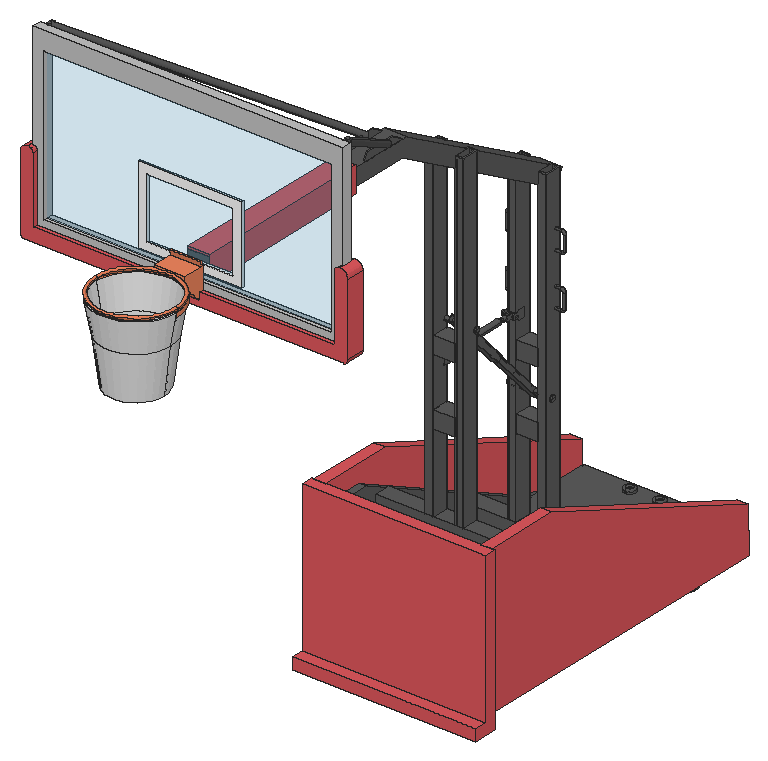
Revit family "Gymnasium-Eqpt_Basketball_IPIbybison_BA895G", category Specialty Equipment, Revit 2018
Family settings
  Round Connector Dimension = Use Diameter
  Part Type = Normal
  OmniClass Number = 23.40.50.34.14
  OmniClass Title = Gymnasium Equipment
  Work Plane-Based = Yes
  Always vertical = Yes
  Cut with Voids When Loaded = No
  Shared = No
  Room Calculation Point = No
Parameters (values of type "T-Rex 66 Side Court")
  Warranty Duration (Years) = 0
  URL = "https://ipibybison.com/"
  Specification = ""
  SpecWizard = ""
  Send Message = ""
  Sales Information = "https://ipibybison.com/ArchitectsPage.php"
  Rim Color [instance] = Plastic - IPI by Bison - Orange OR
  Revision = "R0_04-2018"
  Product Properties = ""
  Product Data = "http://www.arcat.com/arcatcos/cos49/arc49571.html"
  Padding Color [instance] = Plastic - IPI by Bison - Scarlet SC
  Net Color [instance] = Finish - IPI by Bison - White Netting
  Model = "BA895G"
  Manufacturer Website = "https://ipibybison.com/"
  Manufacturer Phone - Toll Free = "800-637-7968"
  Manufacturer Phone = ""
  Manufacturer Fax = "800-638-0698"
  Manufacturer Address = "603 L St  Lincoln, NE 68508"
  Manufacturer = "IPI by Bison"
  Maintenance Schedule (Months) = 0
  Keynote = ""
  Installation-Fabrication = ""
  Installation Phase = ""
  Green Building-LEED = ""
  Glass [instance] = Glass
  Frame Finish [instance] = Finish - IPI by Bison - Black
  Expected Lifespan (Years) = 0
  Drawn By = "Sumex Design, Inc. / Robert S. Weygant, CSI, CDT, SCIP"
  Description = "IPI by Bison Portable Basketball Goal - BA895G as Specified"
  Default Elevation = 0' - 0"
  Copyright = "©Arcat Inc. 2018"
  Construction Details = ""
  Backboard Square Color [instance] = Finish - IPI by Bison - White
  Backboard Padding Color [instance] = Plastic - IPI by Bison - Scarlet SC
  Backboard Color [instance] = Finish - IPI by Bison - Satin Aluminum
  Assembly Code = "E1090"
Reference planes (in)
  plane 1 "Center (Front/Back)": y = 0
  plane 2 "Bottom": z = 0
  plane 3 "Center (Left/Right)": x = 0
  plane 4: y = -68.72681
  plane 5: y = -73.06197
  plane 6: x = 20.688
  plane 7: x = 18
  plane 8: x = -20.688
  plane 9: x = -18
  plane 10: y = -9.40306
  plane 11: y = -12.11807
  plane 12: y = -14.84206
  plane 13: x = 21.252
  plane 14: x = -21.252
  plane 15: y = 64.84694
  plane 16: x = 2.5
  plane 17: x = -2.5
  plane 18: y = 30.36315
  plane 19: y = 6.35692
  plane 20: through (0, 49.70196, 109.48259) normal (0, 0.0101, 0.9999)
  plane 21: through (0, 57.67625, 95.78495) normal (0, 0.0101, 0.9999)
  plane 22: y = 26.32486
  plane 23: y = 2.31863
  plane 24: x = -16
  plane 25: x = 16
  plane 26: y = 62.59694
  plane 27: y = 47.11051
  plane 28: y = 57.15131
  plane 29: y = 59.15131
  plane 30: y = -7.40306
  plane 31: through (-7.23086, -24.94599, 48) normal (0.848, -0.5299, 0)
  plane 32: y = -69.71768
  plane 33: z = 64.75628
  plane 34: z = 63.8109
  plane 35: z = 64.28359
  plane 36: x = 0.75
  plane 37: x = -0.75
  plane 38: through (0, 28.85653, 47.82738) normal (0, 0.74, 0.6726)
  plane 39: x = -3.5
  plane 40: x = 3.5
  plane 41: y = 60.72194
  plane 42: z = 55.34849
  plane 43: x = -2.5
  plane 44: x = 2.5
  plane 45: x = -9
  plane 46: x = 9
Forms (in)
  Extrusion 1, solid, material "Finish - IPI by Bison - Black" <- "Frame Finish"
    sketch origin (0, 0, 0) x (0, 1, 0) y (0, 0, 1)
      loop
        line (33.32775, 94.04082) -> (-11.65303, 120.06487) -> (-68.72681, 120.06487) -> (-68.72681, 116.06487) -> (-12.72676, 116.06487) -> (31.32461, 90.57853) -> (33.32775, 94.04082)
    from -2.5 to 2.5
  Extrusion 2, solid, material "Plastic - IPI by Bison - Scarlet SC" <- "Padding Color"
    sketch origin (0, 0, 0.4375) x (0, 1, 0) y (0, 0, 1)
      loop
        line (-68.72681, 114.08504) -> (-26.28018, 114.08504) -> (-26.28018, 120.06487) -> (-68.72681, 120.06487) -> (-68.72681, 114.08504)
    from -2.5 to 2.5
  Extrusion 3, solid, material "Finish - IPI by Bison - Black" <- "Frame Finish"
    sketch origin (0, 0, 0) x (0, 1, 0) y (0, 0, 1)
      loop
        line (-5.75932, 116.07736) -> (-15.23506, 121.56144) -> (-22.49435, 121.56144) -> (-24.60326, 117.91633) -> (-21.39549, 116.06487) -> (-12.72676, 116.06487) -> (-7.51206, 113.04786) -> (-5.75932, 116.07736)
      loop
        circle (-19.06958, 120.80834) r 0.25
      loop
        circle (-19.81958, 120.80902) r 0.25
      loop
        circle (-20.56958, 120.8097) r 0.25
      loop
        circle (-21.31958, 120.81038) r 0.25
    from -2.33084 to -2.5
  Extrusion 4, solid, material "Finish - IPI by Bison - Black" <- "Frame Finish"
    sketch origin (0, 0, 0) x (0, 1, 0) y (0, 0, -1)
      loop
        line (-5.75932, -116.07736) -> (-7.51206, -113.04786) -> (-12.72676, -116.06487) -> (-21.39549, -116.06487) -> (-24.60326, -117.91633) -> (-22.49435, -121.56144) -> (-15.23506, -121.56144) -> (-5.75932, -116.07736)
      loop
        circle (-19.06958, -120.80834) r 0.25
      loop
        circle (-19.81958, -120.80902) r 0.25
      loop
        circle (-20.56958, -120.8097) r 0.25
      loop
        circle (-21.31958, -120.81038) r 0.25
    from -2.33084 to -2
  Extrusion 5, solid, material "Finish - IPI by Bison - Black" <- "Frame Finish"
    sketch origin (0, 0, 0) x (1, 0, 0) y (0, 1, 0)
      loop
        arc (-15.75, 62.97194) -> (-15.57322, 62.54516) -> (-16, 62.72194) r 0.25
        line (-16, 62.72194) -> (-16, 34.22194)
        arc (-16, 34.22194) -> (-15.57322, 34.39872) -> (-15.75, 33.97194) r 0.25
        line (-15.75, 33.97194) -> (15.75, 33.97194)
        arc (15.75, 33.97194) -> (15.57322, 34.39872) -> (16, 34.22194) r 0.25
        line (16, 34.22194) -> (16, 62.72194)
        arc (16, 62.72194) -> (15.57322, 62.54516) -> (15.75, 62.97194) r 0.25
        line (15.75, 62.97194) -> (-15.75, 62.97194)
    from 9.45592 to 12.54731
  Extrusion 6, solid, material "Plastic - IPI by Bison - Scarlet SC" <- "Padding Color"
    sketch origin (0, 0, 0) x (0, 1, 0) y (0, 0, 1)
      loop
        line (64.84694, 16.41365) -> (7.95966, 39.67588) -> (-9.40306, 39.67588) -> (-9.40306, 5.67588) -> (64.84694, 5.67588) -> (64.84694, 16.41365)
    from -20.688 to -18
  Extrusion 7, solid, material "Plastic - IPI by Bison - Scarlet SC" <- "Padding Color"
    sketch origin (0, 0, 0) x (0, 1, 0) y (0, 0, -1)
      loop
        line (64.84694, -16.41365) -> (64.84694, -5.67588) -> (-9.40306, -5.67588) -> (-9.40306, -39.67588) -> (7.95966, -39.67588) -> (64.84694, -16.41365)
    from -20.688 to -18
  Extrusion 8, solid, material "Plastic - IPI by Bison - Scarlet SC" <- "Padding Color"
    sketch origin (0, 0, 0) x (0, 1, 0) y (0, 0, 1)
      loop
        line (-9.40306, 39.67588) -> (-12.11807, 39.67588) -> (-12.11807, 4.86388) -> (-14.84206, 4.86388) -> (-14.84206, 2.17588) -> (-9.40306, 2.17588) -> (-9.40306, 39.67588)
    from -21.252 to 21.252
  Extrusion 9, solid, material "Finish - IPI by Bison - Black" <- "Frame Finish"
    sketch origin (0, -0.75, 0) x (1, 0, 0) y (0, 1, 0)
      loop
        spline (-4.219, 6.87758) -> (-4.22305, 6.87732) -> (-4.22702, 6.87653) -> (-4.23086, 6.87522) -> (-4.2345, 6.87343) -> (-4.23787, 6.87118) -> (-4.24092, 6.8685) -> (-4.24359, 6.86546) -> (-4.24585, 6.86208) -> (-4.24764, 6.85845) -> (-4.24894, 6.85461) -> (-4.24973, 6.85063) -> (-4.25, 6.84658)
        line (-4.25, 6.84658) -> (-4.25, 3.40876)
        spline (-4.25, 3.40876) -> (-4.24973, 3.40471) -> (-4.24894, 3.40074) -> (-4.24764, 3.3969) -> (-4.24585, 3.39326) -> (-4.24359, 3.38989) -> (-4.24092, 3.38684) -> (-4.23787, 3.38417) -> (-4.2345, 3.38192) -> (-4.23086, 3.38012) -> (-4.22702, 3.37882) -> (-4.22305, 3.37803) -> (-4.219, 3.37776)
        line (-4.219, 3.37776) -> (-2.781, 3.37776)
        spline (-2.781, 3.37776) -> (-2.77695, 3.37803) -> (-2.77298, 3.37882) -> (-2.76914, 3.38012) -> (-2.7655, 3.38192) -> (-2.76213, 3.38417) -> (-2.75908, 3.38684) -> (-2.75641, 3.38989) -> (-2.75415, 3.39326) -> (-2.75236, 3.3969) -> (-2.75106, 3.40074) -> (-2.75027, 3.40471) -> (-2.75, 3.40876)
        line (-2.75, 3.40876) -> (-2.75, 6.84658)
        spline (-2.75, 6.84658) -> (-2.75027, 6.85063) -> (-2.75106, 6.85461) -> (-2.75236, 6.85845) -> (-2.75415, 6.86208) -> (-2.75641, 6.86546) -> (-2.75908, 6.8685) -> (-2.76213, 6.87118) -> (-2.7655, 6.87343) -> (-2.76914, 6.87522) -> (-2.77298, 6.87653) -> (-2.77695, 6.87732) -> (-2.781, 6.87758)
        line (-2.781, 6.87758) -> (-4.219, 6.87758)
      loop
        line (-4.4, 3.12778) -> (-2.6, 3.12778)
        spline (-2.6, 3.12778) -> (-2.58695, 3.12863) -> (-2.57412, 3.13118) -> (-2.56173, 3.13539) -> (-2.55, 3.14117) -> (-2.53912, 3.14844) -> (-2.52929, 3.15706) -> (-2.52066, 3.1669) -> (-2.5134, 3.17777) -> (-2.50761, 3.1895) -> (-2.50341, 3.20189) -> (-2.50086, 3.21472) -> (-2.5, 3.22777)
        line (-2.5, 3.22777) -> (-2.5, 7.02758)
        spline (-2.5, 7.02758) -> (-2.50086, 7.04063) -> (-2.50341, 7.05346) -> (-2.50761, 7.06584) -> (-2.5134, 7.07757) -> (-2.52066, 7.08845) -> (-2.52929, 7.09828) -> (-2.53912, 7.10691) -> (-2.55, 7.11417) -> (-2.56173, 7.11996) -> (-2.57412, 7.12416) -> (-2.58695, 7.12671) -> (-2.6, 7.12757)
        line (-2.6, 7.12757) -> (-4.4, 7.12757)
        spline (-4.4, 7.12757) -> (-4.41305, 7.12671) -> (-4.42588, 7.12416) -> (-4.43827, 7.11996) -> (-4.45, 7.11417) -> (-4.46088, 7.10691) -> (-4.47071, 7.09828) -> (-4.47934, 7.08845) -> (-4.4866, 7.07757) -> (-4.49239, 7.06584) -> (-4.49659, 7.05346) -> (-4.49914, 7.04063) -> (-4.5, 7.02758)
        line (-4.5, 7.02758) -> (-4.5, 3.22777)
        spline (-4.5, 3.22777) -> (-4.49914, 3.21472) -> (-4.49659, 3.20189) -> (-4.49239, 3.1895) -> (-4.4866, 3.17777) -> (-4.47934, 3.1669) -> (-4.47071, 3.15706) -> (-4.46088, 3.14844) -> (-4.45, 3.14117) -> (-4.43827, 3.13539) -> (-4.42588, 3.13118) -> (-4.41305, 3.12863) -> (-4.4, 3.12778)
      loop
        spline (4.219, 3.37776) -> (4.22305, 3.37803) -> (4.22702, 3.37882) -> (4.23086, 3.38012) -> (4.2345, 3.38192) -> (4.23787, 3.38417) -> (4.24092, 3.38684) -> (4.24359, 3.38989) -> (4.24585, 3.39326) -> (4.24764, 3.3969) -> (4.24894, 3.40074) -> (4.24973, 3.40471) -> (4.25, 3.40876)
        line (4.25, 3.40876) -> (4.25, 6.84658)
        spline (4.25, 6.84658) -> (4.24973, 6.85063) -> (4.24894, 6.85461) -> (4.24764, 6.85845) -> (4.24585, 6.86208) -> (4.24359, 6.86546) -> (4.24092, 6.8685) -> (4.23787, 6.87118) -> (4.2345, 6.87343) -> (4.23086, 6.87522) -> (4.22702, 6.87653) -> (4.22305, 6.87732) -> (4.219, 6.87758)
        line (4.219, 6.87758) -> (2.781, 6.87758)
        spline (2.781, 6.87758) -> (2.77695, 6.87732) -> (2.77298, 6.87653) -> (2.76914, 6.87522) -> (2.7655, 6.87343) -> (2.76213, 6.87118) -> (2.75908, 6.8685) -> (2.75641, 6.86546) -> (2.75415, 6.86208) -> (2.75236, 6.85845) -> (2.75106, 6.85461) -> (2.75027, 6.85063) -> (2.75, 6.84658)
        line (2.75, 6.84658) -> (2.75, 3.40876)
        spline (2.75, 3.40876) -> (2.75027, 3.40471) -> (2.75106, 3.40074) -> (2.75236, 3.3969) -> (2.75415, 3.39326) -> (2.75641, 3.38989) -> (2.75908, 3.38684) -> (2.76213, 3.38417) -> (2.7655, 3.38192) -> (2.76914, 3.38012) -> (2.77298, 3.37882) -> (2.77695, 3.37803) -> (2.781, 3.37776)
        line (2.781, 3.37776) -> (4.219, 3.37776)
      loop
        spline (4.4, 3.12778) -> (4.41305, 3.12863) -> (4.42588, 3.13118) -> (4.43827, 3.13539) -> (4.45, 3.14117) -> (4.46088, 3.14844) -> (4.47071, 3.15706) -> (4.47934, 3.1669) -> (4.4866, 3.17777) -> (4.49239, 3.1895) -> (4.49659, 3.20189) -> (4.49914, 3.21472) -> (4.5, 3.22777)
        line (4.5, 3.22777) -> (4.5, 7.02758)
        spline (4.5, 7.02758) -> (4.49914, 7.04063) -> (4.49659, 7.05346) -> (4.49239, 7.06584) -> (4.4866, 7.07757) -> (4.47934, 7.08845) -> (4.47071, 7.09828) -> (4.46088, 7.10691) -> (4.45, 7.11417) -> (4.43827, 7.11996) -> (4.42588, 7.12416) -> (4.41305, 7.12671) -> (4.4, 7.12757)
        line (4.4, 7.12757) -> (2.6, 7.12757)
        spline (2.6, 7.12757) -> (2.58695, 7.12671) -> (2.57412, 7.12416) -> (2.56173, 7.11996) -> (2.55, 7.11417) -> (2.53912, 7.10691) -> (2.52929, 7.09828) -> (2.52066, 7.08845) -> (2.5134, 7.07757) -> (2.50761, 7.06584) -> (2.50341, 7.05346) -> (2.50086, 7.04063) -> (2.5, 7.02758)
        line (2.5, 7.02758) -> (2.5, 3.22777)
        spline (2.5, 3.22777) -> (2.50086, 3.21472) -> (2.50341, 3.20189) -> (2.50761, 3.1895) -> (2.5134, 3.17777) -> (2.52066, 3.1669) -> (2.52929, 3.15706) -> (2.53912, 3.14844) -> (2.55, 3.14117) -> (2.56173, 3.13539) -> (2.57412, 3.13118) -> (2.58695, 3.12863) -> (2.6, 3.12778)
        line (2.6, 3.12778) -> (4.4, 3.12778)
    from 33.06057 to 109.9276
  Extrusion 10, solid, material "Finish - IPI by Bison - Black" <- "Frame Finish"
    sketch origin (0, 23.25622, 0) x (1, 0, 0) y (0, 1, 0)
      loop
        spline (-4.219, 6.87758) -> (-4.22305, 6.87732) -> (-4.22702, 6.87653) -> (-4.23086, 6.87522) -> (-4.2345, 6.87343) -> (-4.23787, 6.87118) -> (-4.24092, 6.8685) -> (-4.24359, 6.86546) -> (-4.24585, 6.86208) -> (-4.24764, 6.85845) -> (-4.24894, 6.85461) -> (-4.24973, 6.85063) -> (-4.25, 6.84658)
        line (-4.25, 6.84658) -> (-4.25, 3.40876)
        spline (-4.25, 3.40876) -> (-4.24973, 3.40471) -> (-4.24894, 3.40074) -> (-4.24764, 3.3969) -> (-4.24585, 3.39326) -> (-4.24359, 3.38989) -> (-4.24092, 3.38684) -> (-4.23787, 3.38417) -> (-4.2345, 3.38192) -> (-4.23086, 3.38012) -> (-4.22702, 3.37882) -> (-4.22305, 3.37803) -> (-4.219, 3.37776)
        line (-4.219, 3.37776) -> (-2.781, 3.37776)
        spline (-2.781, 3.37776) -> (-2.77695, 3.37803) -> (-2.77298, 3.37882) -> (-2.76914, 3.38012) -> (-2.7655, 3.38192) -> (-2.76213, 3.38417) -> (-2.75908, 3.38684) -> (-2.75641, 3.38989) -> (-2.75415, 3.39326) -> (-2.75236, 3.3969) -> (-2.75106, 3.40074) -> (-2.75027, 3.40471) -> (-2.75, 3.40876)
        line (-2.75, 3.40876) -> (-2.75, 6.84658)
        spline (-2.75, 6.84658) -> (-2.75027, 6.85063) -> (-2.75106, 6.85461) -> (-2.75236, 6.85845) -> (-2.75415, 6.86208) -> (-2.75641, 6.86546) -> (-2.75908, 6.8685) -> (-2.76213, 6.87118) -> (-2.7655, 6.87343) -> (-2.76914, 6.87522) -> (-2.77298, 6.87653) -> (-2.77695, 6.87732) -> (-2.781, 6.87758)
        line (-2.781, 6.87758) -> (-4.219, 6.87758)
      loop
        line (-4.4, 3.12778) -> (-2.6, 3.12778)
        spline (-2.6, 3.12778) -> (-2.58695, 3.12863) -> (-2.57412, 3.13118) -> (-2.56173, 3.13539) -> (-2.55, 3.14117) -> (-2.53912, 3.14844) -> (-2.52929, 3.15706) -> (-2.52066, 3.1669) -> (-2.5134, 3.17777) -> (-2.50761, 3.1895) -> (-2.50341, 3.20189) -> (-2.50086, 3.21472) -> (-2.5, 3.22777)
        line (-2.5, 3.22777) -> (-2.5, 7.02758)
        spline (-2.5, 7.02758) -> (-2.50086, 7.04063) -> (-2.50341, 7.05346) -> (-2.50761, 7.06584) -> (-2.5134, 7.07757) -> (-2.52066, 7.08845) -> (-2.52929, 7.09828) -> (-2.53912, 7.10691) -> (-2.55, 7.11417) -> (-2.56173, 7.11996) -> (-2.57412, 7.12416) -> (-2.58695, 7.12671) -> (-2.6, 7.12757)
        line (-2.6, 7.12757) -> (-4.4, 7.12757)
        spline (-4.4, 7.12757) -> (-4.41305, 7.12671) -> (-4.42588, 7.12416) -> (-4.43827, 7.11996) -> (-4.45, 7.11417) -> (-4.46088, 7.10691) -> (-4.47071, 7.09828) -> (-4.47934, 7.08845) -> (-4.4866, 7.07757) -> (-4.49239, 7.06584) -> (-4.49659, 7.05346) -> (-4.49914, 7.04063) -> (-4.5, 7.02758)
        line (-4.5, 7.02758) -> (-4.5, 3.22777)
        spline (-4.5, 3.22777) -> (-4.49914, 3.21472) -> (-4.49659, 3.20189) -> (-4.49239, 3.1895) -> (-4.4866, 3.17777) -> (-4.47934, 3.1669) -> (-4.47071, 3.15706) -> (-4.46088, 3.14844) -> (-4.45, 3.14117) -> (-4.43827, 3.13539) -> (-4.42588, 3.13118) -> (-4.41305, 3.12863) -> (-4.4, 3.12778)
      loop
        spline (4.219, 3.37776) -> (4.22305, 3.37803) -> (4.22702, 3.37882) -> (4.23086, 3.38012) -> (4.2345, 3.38192) -> (4.23787, 3.38417) -> (4.24092, 3.38684) -> (4.24359, 3.38989) -> (4.24585, 3.39326) -> (4.24764, 3.3969) -> (4.24894, 3.40074) -> (4.24973, 3.40471) -> (4.25, 3.40876)
        line (4.25, 3.40876) -> (4.25, 6.84658)
        spline (4.25, 6.84658) -> (4.24973, 6.85063) -> (4.24894, 6.85461) -> (4.24764, 6.85845) -> (4.24585, 6.86208) -> (4.24359, 6.86546) -> (4.24092, 6.8685) -> (4.23787, 6.87118) -> (4.2345, 6.87343) -> (4.23086, 6.87522) -> (4.22702, 6.87653) -> (4.22305, 6.87732) -> (4.219, 6.87758)
        line (4.219, 6.87758) -> (2.781, 6.87758)
        spline (2.781, 6.87758) -> (2.77695, 6.87732) -> (2.77298, 6.87653) -> (2.76914, 6.87522) -> (2.7655, 6.87343) -> (2.76213, 6.87118) -> (2.75908, 6.8685) -> (2.75641, 6.86546) -> (2.75415, 6.86208) -> (2.75236, 6.85845) -> (2.75106, 6.85461) -> (2.75027, 6.85063) -> (2.75, 6.84658)
        line (2.75, 6.84658) -> (2.75, 3.40876)
        spline (2.75, 3.40876) -> (2.75027, 3.40471) -> (2.75106, 3.40074) -> (2.75236, 3.3969) -> (2.75415, 3.39326) -> (2.75641, 3.38989) -> (2.75908, 3.38684) -> (2.76213, 3.38417) -> (2.7655, 3.38192) -> (2.76914, 3.38012) -> (2.77298, 3.37882) -> (2.77695, 3.37803) -> (2.781, 3.37776)
        line (2.781, 3.37776) -> (4.219, 3.37776)
      loop
        spline (4.4, 3.12778) -> (4.41305, 3.12863) -> (4.42588, 3.13118) -> (4.43827, 3.13539) -> (4.45, 3.14117) -> (4.46088, 3.14844) -> (4.47071, 3.15706) -> (4.47934, 3.1669) -> (4.4866, 3.17777) -> (4.49239, 3.1895) -> (4.49659, 3.20189) -> (4.49914, 3.21472) -> (4.5, 3.22777)
        line (4.5, 3.22777) -> (4.5, 7.02758)
        spline (4.5, 7.02758) -> (4.49914, 7.04063) -> (4.49659, 7.05346) -> (4.49239, 7.06584) -> (4.4866, 7.07757) -> (4.47934, 7.08845) -> (4.47071, 7.09828) -> (4.46088, 7.10691) -> (4.45, 7.11417) -> (4.43827, 7.11996) -> (4.42588, 7.12416) -> (4.41305, 7.12671) -> (4.4, 7.12757)
        line (4.4, 7.12757) -> (2.6, 7.12757)
        spline (2.6, 7.12757) -> (2.58695, 7.12671) -> (2.57412, 7.12416) -> (2.56173, 7.11996) -> (2.55, 7.11417) -> (2.53912, 7.10691) -> (2.52929, 7.09828) -> (2.52066, 7.08845) -> (2.5134, 7.07757) -> (2.50761, 7.06584) -> (2.50341, 7.05346) -> (2.50086, 7.04063) -> (2.5, 7.02758)
        line (2.5, 7.02758) -> (2.5, 3.22777)
        spline (2.5, 3.22777) -> (2.50086, 3.21472) -> (2.50341, 3.20189) -> (2.50761, 3.1895) -> (2.5134, 3.17777) -> (2.52066, 3.1669) -> (2.52929, 3.15706) -> (2.53912, 3.14844) -> (2.55, 3.14117) -> (2.56173, 3.13539) -> (2.57412, 3.13118) -> (2.58695, 3.12863) -> (2.6, 3.12778)
        line (2.6, 3.12778) -> (4.4, 3.12778)
    from 21.31057 to 96.08898
  Extrusion 11, solid, material "Finish - IPI by Bison - Black"
    sketch origin (0, 0, 3.19668) x (0, 1, 0) y (0, 0, 1)
      loop
        line (6.35692, 29.86388) -> (2.31863, 29.86388) -> (2.31863, 25.86388) -> (6.35692, 25.86388) -> (6.35692, 29.86388)
      loop
        line (6.10692, 29.61388) -> (2.56863, 29.61388) -> (2.56863, 26.11388) -> (6.10692, 26.11388) -> (6.10692, 29.61388)
    from -16 to 16
  Extrusion 12, solid, material "Finish - IPI by Bison - Black"
    sketch origin (0, 24.00622, -8.55332) x (0, 1, 0) y (0, 0, 1)
      loop
        line (6.35692, 29.86388) -> (2.31863, 29.86388) -> (2.31863, 25.86388) -> (6.35692, 25.86388) -> (6.35692, 29.86388)
      loop
        line (6.10692, 29.61388) -> (2.56863, 29.61388) -> (2.56863, 26.11388) -> (6.10692, 26.11388) -> (6.10692, 29.61388)
    from -16 to 16
  Extrusion 13, solid, material "Finish - IPI by Bison - Black" <- "Frame Finish"
    sketch origin (0, 0, 0) x (0, 1, 0) y (0, 0, 1)
      loop
        line (0, 35.67588) -> (-9.19398, 35.67588) -> (-9.19398, 5.6947) -> (-7.34319, 5.6947) -> (-7.34319, 31.67588) -> (-0.92893, 31.67588) -> (-0.18282, 31.30959) -> (-0.18282, 9.45592) -> (3.85547, 9.45592) -> (3.85547, 29.32702) -> (47.11051, 8.09126) -> (47.11051, 5.67588) -> (62.59694, 5.67588)
        arc (62.59694, 5.67588) -> (60.35297, 8.45686) -> (57.15131, 10.04386) r 8.34256
        line (57.15131, 10.04386) -> (47.11051, 12.54731) -> (0, 35.67588)
    from 16 to 18
  Extrusion 14, solid, material "Finish - IPI by Bison - Black" <- "Frame Finish"
    sketch origin (0, 0, 0) x (0, 1, 0) y (0, 0, -1)
      loop
        line (0, -35.67588) -> (47.11051, -12.54731) -> (57.15131, -10.04386)
        arc (57.15131, -10.04386) -> (60.35297, -8.45686) -> (62.59694, -5.67588) r 8.34256
        line (62.59694, -5.67588) -> (47.11051, -5.67588) -> (47.11051, -8.09126) -> (3.85547, -29.32702) -> (3.85547, -9.45592) -> (-0.18282, -9.45592) -> (-0.18282, -31.30959) -> (-0.92893, -31.67588) -> (-7.34319, -31.67588) -> (-7.34319, -5.6947) -> (-9.19398, -5.6947) -> (-9.19398, -35.67588) -> (0, -35.67588)
    from 16 to 18
  Extrusion 15, solid, material "Finish - IPI by Bison - Black" <- "Frame Finish"
    sketch origin (0, 0, 0) x (0, 1, 0) y (0, 0, 1)
      loop
        line (-7.40306, 35.67588) -> (-9.40306, 35.67588) -> (-9.40306, 31.67588) -> (-7.40306, 31.67588) -> (-7.40306, 35.67588)
    from -16 to 16
  Sweep 16, solid, material "Finish - IPI by Bison - Black" <- "Frame Finish"
    path origin (-7.23086, -24.94599, 48) x (0.529919, 0.848048, 0) y (0, 0, 1)
      loop
        line (9.06615, 73.02547) -> (-51.63684, 107.37965)
    profile origin (-18.51037, -42.99698, 138.20256) x (-0.261003, -0.417692, -0.870294) y (0.848048, -0.529919, 0)
      loop
        circle (0, 0) r 0.75
  Extrusion 17, solid, material "Finish - IPI by Bison - Black" <- "Frame Finish"
    sketch origin (0, 0, 0) x (0, 1, 0) y (0, 0, 1)
      loop
        line (-69.71768, 155.89129) -> (-69.71768, 154.78675) -> (-69.24446, 154.78675) -> (-69.24446, 154.82691) -> (-67.90825, 154.82691) -> (-67.90825, 155.82154) -> (-69.24446, 155.82154) -> (-69.24446, 155.89129) -> (-69.71768, 155.89129)
    from -34.90389 to -34.18135
  Sweep 18, solid, material "Finish - IPI by Bison - Black" <- "Frame Finish"
    path origin (7.23086, -24.94599, 48) x (-0.529919, 0.848048, 0) y (0, 0, -1)
      loop
        line (9.06615, -73.02547) -> (-51.63684, -107.37965)
    profile origin (18.51037, -42.99698, 138.20256) x (-0.261003, 0.417692, 0.870294) y (-0.848048, -0.529919, 0)
      loop
        circle (0, 0) r 0.75
  Extrusion 19, solid, material "Finish - IPI by Bison - Black" <- "Frame Finish"
    sketch origin (0, 0, 0) x (0, 1, 0) y (0, 0, -1)
      loop
        line (-69.71768, -155.89129) -> (-69.24446, -155.89129) -> (-69.24446, -155.82154) -> (-67.90825, -155.82154) -> (-67.90825, -154.82691) -> (-69.24446, -154.82691) -> (-69.24446, -154.78675) -> (-69.71768, -154.78675) -> (-69.71768, -155.89129)
    from -34.90389 to -34.18135
  Extrusion 20, solid, material "Finish - IPI by Bison - Black" <- "Frame Finish"
    sketch origin (0, 0, 0) x (1, 0, 0) y (0, 1, 0)
      loop
        line (-3, 9.02947) -> (-4, 9.02947) -> (-4, 7.12757) -> (-3.75, 7.12757) -> (-3.75, 8.78826) -> (-3.25, 8.78826) -> (-3.25, 7.12757) -> (-3, 7.12757) -> (-3, 9.02947)
      loop
        line (-3, 24.45517) -> (-3, 26.35707) -> (-3.25, 26.35707) -> (-3.25, 24.69638) -> (-3.75, 24.69638) -> (-3.75, 26.35707) -> (-4, 26.35707) -> (-4, 24.45517) -> (-3, 24.45517)
    from 63.8109 to 64.75628
  Revolve 21, solid, material "Finish - IPI by Bison - Black" <- "Frame Finish"
    sketch origin (0, 25.40612, 64.28359) x (-1, 0, 0) y (0, -1, 0)
      loop
        line (3.0275, 1.72013) -> (3.0275, 0.95755) -> (3.5002, 0.95755) -> (3.5002, 16.3785) -> (3.02512, 16.3785) -> (3.02512, 15.61406) -> (3.25, 15.61406) -> (3.25, 15.48091) -> (2.91562, 15.48091) -> (2.91562, 14.85592) -> (2.875, 14.85592) -> (2.875, 2.85604) -> (2.915, 2.85604) -> (2.915, 2.72908) -> (3.11756, 2.72908) -> (3.11756, 2.41681) -> (3.25, 2.41681) -> (3.25, 1.72013) -> (3.0275, 1.72013)
      axis (3.5002, 16.3785) -> (3.5002, 0.95755)
    angle from 0 to 360
  Extrusion 22, solid, material "Finish - IPI by Bison - Black" <- "Frame Finish"
    sketch origin (0, 0, 0) x (0, 1, 0) y (0, 0, -1)
      loop
        arc (7.83753, -64.90426) -> (8.45617, -64.27296) -> (7.82488, -63.65432) r 0.625
        line (7.82488, -63.65432) -> (7.07491, -63.66192)
        arc (7.07491, -63.66192) -> (6.94178, -63.60835) -> (6.88553, -63.47633) r 0.1875
        arc (6.88553, -63.47633) -> (6.82927, -63.34431) -> (6.69614, -63.29074) r 0.1875
        line (6.69614, -63.29074) -> (5.5087, -63.30276)
        arc (5.5087, -63.30276) -> (5.37668, -63.35902) -> (5.32311, -63.49215) r 0.1875
        line (5.32311, -63.49215) -> (5.33956, -65.11707)
        arc (5.33956, -65.11707) -> (5.39582, -65.24909) -> (5.52895, -65.30266) r 0.1875
        line (5.52895, -65.30266) -> (6.71639, -65.29063)
        arc (6.71639, -65.29063) -> (6.84841, -65.23438) -> (6.90198, -65.10124) r 0.1875
        arc (6.90198, -65.10124) -> (6.95555, -64.96811) -> (7.08757, -64.91186) r 0.1875
        line (7.08757, -64.91186) -> (7.83753, -64.90426)
      loop
        circle (5.83764, -64.92451) r 0.1405
      loop
        circle (5.82498, -63.67458) r 0.1405
      loop
        circle (7.83121, -64.27929) r 0.25
      loop
        line (25.9714, -64.93551) -> (26.72136, -64.94311)
        arc (26.72136, -64.94311) -> (26.85338, -64.99936) -> (26.90695, -65.13249) r 0.1875
        arc (26.90695, -65.13249) -> (26.96053, -65.26563) -> (27.09255, -65.32188) r 0.1875
        line (27.09255, -65.32188) -> (28.27998, -65.33391)
        arc (28.27998, -65.33391) -> (28.41312, -65.28034) -> (28.46937, -65.14832) r 0.1875
        line (28.46937, -65.14832) -> (28.48583, -63.5234)
        arc (28.48583, -63.5234) -> (28.43226, -63.39027) -> (28.30024, -63.33401) r 0.1875
        line (28.30024, -63.33401) -> (27.1128, -63.32199)
        arc (27.1128, -63.32199) -> (26.97967, -63.37556) -> (26.92341, -63.50758) r 0.1875
        arc (26.92341, -63.50758) -> (26.86715, -63.6396) -> (26.73402, -63.69317) r 0.1875
        line (26.73402, -63.69317) -> (25.98406, -63.68557)
        arc (25.98406, -63.68557) -> (25.35276, -64.30421) -> (25.9714, -64.93551) r 0.625
      loop
        circle (27.9713, -64.95576) r 0.1405
      loop
        circle (27.98396, -63.70583) r 0.1405
      loop
        circle (25.97773, -64.31054) r 0.25
    from 2.25 to 2.5
  Extrusion 23, solid, material "Finish - IPI by Bison - Black" <- "Frame Finish"
    sketch origin (-7, 0, 0) x (0, 1, 0) y (0, 0, 1)
      loop
        line (7.83753, 64.90426) -> (7.08757, 64.91186)
        arc (7.08757, 64.91186) -> (6.95555, 64.96811) -> (6.90198, 65.10124) r 0.1875
        arc (6.90198, 65.10124) -> (6.84841, 65.23438) -> (6.71639, 65.29063) r 0.1875
        line (6.71639, 65.29063) -> (5.52895, 65.30266)
        arc (5.52895, 65.30266) -> (5.39582, 65.24909) -> (5.33956, 65.11707) r 0.1875
        line (5.33956, 65.11707) -> (5.32311, 63.49215)
        arc (5.32311, 63.49215) -> (5.37668, 63.35902) -> (5.5087, 63.30276) r 0.1875
        line (5.5087, 63.30276) -> (6.69614, 63.29074)
        arc (6.69614, 63.29074) -> (6.82927, 63.34431) -> (6.88553, 63.47633) r 0.1875
        arc (6.88553, 63.47633) -> (6.94178, 63.60835) -> (7.07491, 63.66192) r 0.1875
        line (7.07491, 63.66192) -> (7.82488, 63.65432)
        arc (7.82488, 63.65432) -> (8.45617, 64.27296) -> (7.83753, 64.90426) r 0.625
      loop
        circle (5.83764, 64.92451) r 0.1405
      loop
        circle (5.82498, 63.67458) r 0.1405
      loop
        circle (7.83121, 64.27929) r 0.25
      loop
        arc (25.9714, 64.93551) -> (25.35276, 64.30421) -> (25.98406, 63.68557) r 0.625
        line (25.98406, 63.68557) -> (26.73402, 63.69317)
        arc (26.73402, 63.69317) -> (26.86715, 63.6396) -> (26.92341, 63.50758) r 0.1875
        arc (26.92341, 63.50758) -> (26.97967, 63.37556) -> (27.1128, 63.32199) r 0.1875
        line (27.1128, 63.32199) -> (28.30024, 63.33401)
        arc (28.30024, 63.33401) -> (28.43226, 63.39027) -> (28.48583, 63.5234) r 0.1875
        line (28.48583, 63.5234) -> (28.46937, 65.14832)
        arc (28.46937, 65.14832) -> (28.41312, 65.28034) -> (28.27998, 65.33391) r 0.1875
        line (28.27998, 65.33391) -> (27.09255, 65.32188)
        arc (27.09255, 65.32188) -> (26.96053, 65.26563) -> (26.90695, 65.13249) r 0.1875
        arc (26.90695, 65.13249) -> (26.85338, 64.99936) -> (26.72136, 64.94311) r 0.1875
        line (26.72136, 64.94311) -> (25.9714, 64.93551)
      loop
        circle (27.9713, 64.95576) r 0.1405
      loop
        circle (27.98396, 63.70583) r 0.1405
      loop
        circle (25.97773, 64.31054) r 0.25
    from 2.25 to 2.5
  Revolve 24, solid, material "Finish - IPI by Bison - Black" <- "Frame Finish"
    sketch origin (0, 0.15625, 64.31484) x (-1, 0, 0) y (0, 1, 0)
      loop
        line (2, 25.82195) -> (2, 25.56257) -> (4.75, 25.56257) -> (4.75, 25.3797) -> (5.114, 25.3797) -> (5.114, 25.82195) -> (2, 25.82195)
      axis (5.114, 25.82195) -> (2, 25.82195)
    angle from 0 to 360
  Sweep 25, solid, material "Finish - IPI by Bison - Black" <- "Frame Finish"
    path origin (0, 0, 0) x (0, 1, 0) y (0, 0, 1)
      loop
        line (17.59007, 60.22212) -> (5.14652, 73.91182)
    profile origin (0, 11.3683, 67.06697) x (0, -0.739984, -0.672624) y (1, 0, 0)
      loop
        line (0.75, -0.75) -> (0.75, 0.75) -> (-0.75, 0.75) -> (-0.75, -0.75) -> (0.75, -0.75)
      loop
        line (-0.625, 0.625) -> (-0.625, -0.625) -> (0.625, -0.625) -> (0.625, 0.625) -> (-0.625, 0.625)
  Sweep 26, solid, material "Finish - IPI by Bison - Black" <- "Frame Finish"
    path origin (0, 0, 0) x (0, 1, 0) y (0, 0, 1)
      loop
        line (14.94946, 63.12717) -> (28.90642, 47.7725)
    profile origin (0, 21.92794, 55.44983) x (0, 0.739984, 0.672624) y (1, 0, 0)
      loop
        line (0.625, -0.625) -> (0.625, 0.625) -> (-0.625, 0.625) -> (-0.625, -0.625) -> (0.625, -0.625)
      loop
        line (0.5, -0.5) -> (0.5, 0.5) -> (-0.5, 0.5) -> (-0.5, -0.5) -> (0.5, -0.5)
  Revolve 27, solid, material "Finish - IPI by Bison - Black" <- "Frame Finish"
    sketch origin (0, 2.18239, 49.08578) x (-1, 0, 0) y (0, 1, 0)
      loop
        line (5.5, 25.31819) -> (5.5, 25.61986) -> (-5.024, 25.61986) -> (-5.024, 25.06934) -> (-4.97481, 24.98414) -> (-4.75, 24.98414) -> (-4.75, 25.20514) -> (4.5, 25.20514) -> (4.5, 25.06934) -> (4.55009, 24.98259) -> (4.867, 24.98259) -> (5.17886, 25.14841) -> (5.33023, 25.14841) -> (5.33023, 25.25868) -> (5.4405, 25.25868) -> (5.5, 25.31819)
      axis (5.5, 25.61986) -> (-5.024, 25.61986)
    angle from 0 to 360
  Extrusion 28, void
    sketch origin (0, 0, 0) x (0, 1, 0) y (0, 0, 1)
      loop
        circle (26.14911, 50.90733) r 0.25781
      loop
        circle (23.25663, 54.05521) r 0.25781
      loop
        circle (22.62401, 54.7437) r 0.25781
      loop
        circle (21.91357, 55.51686) r 0.25781
      loop
        circle (21.12871, 56.37102) r 0.25781
      loop
        circle (20.22883, 57.35036) r 0.25781
      loop
        circle (19.05154, 58.63161) r 0.25781
      loop
        circle (16.65974, 61.2346) r 0.25781
    from -0.75 to 0.75
  Revolve 29, solid, material "Finish - IPI by Bison - Black" <- "Frame Finish"
    sketch origin (0, -19.82483, 73.00088) x (-1, 0, 0) y (0, 1, 0)
      loop
        line (5.5, 25.31819) -> (5.5, 25.61986) -> (-5.024, 25.61986) -> (-5.024, 25.06934) -> (-4.97481, 24.98414) -> (-4.75, 24.98414) -> (-4.75, 25.14841) -> (4.5, 25.14841) -> (4.5, 25.06934) -> (4.55009, 24.98259) -> (4.867, 24.98259) -> (5.17886, 25.14841) -> (5.33023, 25.14841) -> (5.33023, 25.25868) -> (5.4405, 25.25868) -> (5.5, 25.31819)
      axis (5.5, 25.61986) -> (-5.024, 25.61986)
    angle from 0 to 360
  Revolve 30, solid, material "Finish - IPI by Bison - Black" <- "Frame Finish"
    sketch origin (-3.5, 0, 0) x (0, 1, 0) y (0, 0, 1)
      loop
        line (60.72194, 12.54731) -> (61.98756, 12.54731) -> (61.98756, 12.9845)
        arc (61.98756, 12.9845) -> (61.89594, 13.20569) -> (61.67475, 13.29731) r 0.31281
        line (61.67475, 13.29731) -> (61.4837, 13.29731) -> (61.17506, 12.98868) -> (61.17506, 12.73301) -> (60.72194, 12.73301) -> (60.72194, 12.54731)
      axis (60.72194, 12.54731) -> (60.72194, 13.29731)
    angle from 0 to 360
  Extrusion 31, solid, material "Finish - IPI by Bison - Black"
    sketch origin (0, 0, 0) x (1, 0, 0) y (0, 1, 0)
      loop
        line (-3.21132, 60.72194) -> (-3.35566, 60.97194) -> (-3.64434, 60.97194) -> (-3.78868, 60.72194) -> (-3.64434, 60.47194) -> (-3.35566, 60.47194) -> (-3.21132, 60.72194)
      loop
        circle (-3.5, 60.72194) r 0.15625
    from 12.77238 to 12.98868
  Extrusion 32, solid, material "Finish - IPI by Bison - Black"
    sketch origin (0, 0, 0) x (1, 0, 0) y (0, 1, 0)
      loop
        circle (-3.5, 60.72194) r 0.15625
    from 12.0669 to 13.02675
  Revolve 33, solid, material "Finish - IPI by Bison - Black" <- "Frame Finish"
    sketch origin (3.5, 0, 0) x (0, 1, 0) y (0, 0, -1)
      loop
        line (60.72194, -12.54731) -> (60.72194, -12.73301) -> (61.17506, -12.73301) -> (61.17506, -12.98868) -> (61.4837, -13.29731) -> (61.67475, -13.29731)
        arc (61.67475, -13.29731) -> (61.89594, -13.20569) -> (61.98756, -12.9845) r 0.31281
        line (61.98756, -12.9845) -> (61.98756, -12.54731) -> (60.72194, -12.54731)
      axis (60.72194, -12.54731) -> (60.72194, -13.29731)
    angle from 0 to 360
  Extrusion 34, solid, material "Finish - IPI by Bison - Black"
    sketch origin (0, 0, 0) x (-1, 0, 0) y (0, -1, 0)
      loop
        line (-3.21132, -60.72194) -> (-3.35566, -60.47194) -> (-3.64434, -60.47194) -> (-3.78868, -60.72194) -> (-3.64434, -60.97194) -> (-3.35566, -60.97194) -> (-3.21132, -60.72194)
      loop
        circle (-3.5, -60.72194) r 0.15625
    from 12.77238 to 12.98868
  Extrusion 35, solid, material "Finish - IPI by Bison - Black"
    sketch origin (0, 0, 0) x (-1, 0, 0) y (0, -1, 0)
      loop
        circle (-3.5, -60.72194) r 0.15625
    from 12.0669 to 13.02675
  Sweep 36, solid, material "Finish - IPI by Bison - Black" <- "Frame Finish"
    path origin (0, 0, 0.02168) x (1, 0, 0) y (0, 0, 1)
      loop
        line (-4.46476, 67.26181) -> (-6.15176, 67.26181)
        arc (-6.15176, 67.26181) -> (-6.50531, 67.40826) -> (-6.65176, 67.76181) r 0.5
        line (-6.65176, 67.76181) -> (-6.65176, 71.3236)
        arc (-6.65176, 71.3236) -> (-6.50532, 71.67714) -> (-6.15179, 71.82358) r 0.49997
        line (-6.15179, 71.82358) -> (-4.46476, 71.82358)
    profile origin (-5.30827, 0, 71.84525) x (0, 0, 1) y (0, -1, 0)
      loop
        circle (0, -28.98467) r 0.25
  Sweep 37, solid, material "Finish - IPI by Bison - Black" <- "Frame Finish"
    path origin (0, 0, 12.04552) x (1, 0, 0) y (0, 0, 1)
      loop
        line (-4.46476, 67.26181) -> (-6.15176, 67.26181)
        arc (-6.15176, 67.26181) -> (-6.50531, 67.40826) -> (-6.65176, 67.76181) r 0.5
        line (-6.65176, 67.76181) -> (-6.65176, 71.3236)
        arc (-6.65176, 71.3236) -> (-6.50532, 71.67714) -> (-6.15179, 71.82358) r 0.49997
        line (-6.15179, 71.82358) -> (-4.46476, 71.82358)
    profile origin (-5.30827, 0, 83.86909) x (0, 0, 1) y (0, -1, 0)
      loop
        circle (0, -29.10967) r 0.25
  Sweep 38, solid, material "Finish - IPI by Bison - Black" <- "Frame Finish"
    path origin (0, 0, 0.02168) x (-1, 0, 0) y (0, 0, 1)
      loop
        line (-4.46476, 67.26181) -> (-6.15176, 67.26181)
        arc (-6.15176, 67.26181) -> (-6.50531, 67.40826) -> (-6.65176, 67.76181) r 0.5
        line (-6.65176, 67.76181) -> (-6.65176, 71.3236)
        arc (-6.65176, 71.3236) -> (-6.50532, 71.67714) -> (-6.15179, 71.82358) r 0.49997
        line (-6.15179, 71.82358) -> (-4.46476, 71.82358)
    profile origin (5.30827, 0, 71.84525) x (0, 0, -1) y (0, -1, 0)
      loop
        circle (0, -28.98467) r 0.25
  Sweep 39, solid, material "Finish - IPI by Bison - Black" <- "Frame Finish"
    path origin (0, 0, 12.04552) x (-1, 0, 0) y (0, 0, 1)
      loop
        line (-4.46476, 67.26181) -> (-6.15176, 67.26181)
        arc (-6.15176, 67.26181) -> (-6.50531, 67.40826) -> (-6.65176, 67.76181) r 0.5
        line (-6.65176, 67.76181) -> (-6.65176, 71.3236)
        arc (-6.65176, 71.3236) -> (-6.50532, 71.67714) -> (-6.15179, 71.82358) r 0.49997
        line (-6.15179, 71.82358) -> (-4.46476, 71.82358)
    profile origin (5.30827, 0, 83.86909) x (0, 0, -1) y (0, -1, 0)
      loop
        circle (0, -29.10967) r 0.25
  Revolve 40, solid, material "Finish - IPI by Bison - Black" <- "Frame Finish"
    sketch origin (-17, 0, 0) x (0, 1, 0) y (0, 0, 1)
      loop
        line (-8.29984, 6.1947) -> (-8.29984, 1.22194) -> (-6.36234, 1.22194) -> (-6.36234, 1.47194) -> (-6.29984, 1.47194) -> (-6.29984, 1.97194) -> (-7.54974, 2.4719) -> (-7.54974, 2.59643) -> (-7.61224, 2.59643) -> (-7.61224, 2.97646) -> (-7.67438, 2.97646) -> (-7.67438, 3.21393) -> (-7.56372, 3.21393) -> (-7.45891, 3.27444) -> (-7.45891, 3.71459) -> (-7.55303, 3.76893) -> (-7.84269, 3.76893) -> (-7.79315, 3.81847) -> (-7.88542, 3.87174) -> (-7.79443, 3.93546) -> (-7.88542, 3.98799) -> (-7.79443, 4.05171) -> (-7.88542, 4.10424) -> (-7.79443, 4.16796) -> (-7.88542, 4.22049) -> (-7.79443, 4.28421) -> (-7.88542, 4.33674) -> (-7.79443, 4.40046) -> (-7.88542, 4.45299) -> (-7.79443, 4.51671) -> (-7.88542, 4.56924) -> (-7.79443, 4.63296) -> (-7.88542, 4.6855) -> (-7.79443, 4.74921) -> (-7.88542, 4.80175) -> (-7.79443, 4.86546) -> (-7.88542, 4.918) -> (-7.79443, 4.98171) -> (-7.88542, 5.03425) -> (-7.79443, 5.09796) -> (-7.88542, 5.1505) -> (-7.79443, 5.21421) -> (-7.88542, 5.26675) -> (-7.79443, 5.33047) -> (-7.88542, 5.383) -> (-7.79443, 5.44672) -> (-7.88364, 5.49822) -> (-7.79443, 5.54973) -> (-7.88542, 5.61345) -> (-7.79443, 5.66598) -> (-7.88542, 5.7297) -> (-7.79443, 5.78223) -> (-7.88542, 5.84595) -> (-7.79443, 5.89848) -> (-7.88542, 5.9622) -> (-7.79443, 6.01473) -> (-7.88542, 6.07845) -> (-7.79443, 6.13098) -> (-7.88542, 6.1947) -> (-8.29984, 6.1947)
      axis (-8.29984, 1.22194) -> (-8.29984, 6.1947)
    angle from 0 to 360
  Revolve 41, solid, material "Finish - IPI by Bison - Black" <- "Frame Finish"
    sketch origin (17, 0, 0) x (0, 1, 0) y (0, 0, -1)
      loop
        line (-8.29984, -6.1947) -> (-7.88542, -6.1947) -> (-7.79443, -6.13098) -> (-7.88542, -6.07845) -> (-7.79443, -6.01473) -> (-7.88542, -5.9622) -> (-7.79443, -5.89848) -> (-7.88542, -5.84595) -> (-7.79443, -5.78223) -> (-7.88542, -5.7297) -> (-7.79443, -5.66598) -> (-7.88542, -5.61345) -> (-7.79443, -5.54973) -> (-7.88364, -5.49822) -> (-7.79443, -5.44672) -> (-7.88542, -5.383) -> (-7.79443, -5.33047) -> (-7.88542, -5.26675) -> (-7.79443, -5.21421) -> (-7.88542, -5.1505) -> (-7.79443, -5.09796) -> (-7.88542, -5.03425) -> (-7.79443, -4.98171) -> (-7.88542, -4.918) -> (-7.79443, -4.86546) -> (-7.88542, -4.80175) -> (-7.79443, -4.74921) -> (-7.88542, -4.6855) -> (-7.79443, -4.63296) -> (-7.88542, -4.56924) -> (-7.79443, -4.51671) -> (-7.88542, -4.45299) -> (-7.79443, -4.40046) -> (-7.88542, -4.33674) -> (-7.79443, -4.28421) -> (-7.88542, -4.22049) -> (-7.79443, -4.16796) -> (-7.88542, -4.10424) -> (-7.79443, -4.05171) -> (-7.88542, -3.98799) -> (-7.79443, -3.93546) -> (-7.88542, -3.87174) -> (-7.79315, -3.81847) -> (-7.84269, -3.76893) -> (-7.55303, -3.76893) -> (-7.45891, -3.71459) -> (-7.45891, -3.27444) -> (-7.56372, -3.21393) -> (-7.67438, -3.21393) -> (-7.67438, -2.97646) -> (-7.61224, -2.97646) -> (-7.61224, -2.59643) -> (-7.54974, -2.59643) -> (-7.54974, -2.4719) -> (-6.29984, -1.97194) -> (-6.29984, -1.47194) -> (-6.36234, -1.47194) -> (-6.36234, -1.22194) -> (-8.29984, -1.22194) -> (-8.29984, -6.1947)
      axis (-8.29984, -1.22194) -> (-8.29984, -6.1947)
    angle from 0 to 360
  Extrusion 42, solid, material "Finish - IPI by Bison - Black" <- "Frame Finish"
    sketch origin (0, 0, 40.94668) x (0, 1, 0) y (0, 0, 1)
      loop
        line (6.37255, 29.84492) -> (2.37255, 29.84492) -> (2.37255, 25.88285) -> (6.37255, 25.88285) -> (6.37255, 29.84492)
      loop
        line (6.12492, 29.59729) -> (2.62018, 29.59729) -> (2.62018, 26.19955) -> (6.12492, 26.19955) -> (6.12492, 29.59729)
    from -2.5 to 2.5
  Extrusion 43, solid, material "Finish - IPI by Bison - Black" <- "Frame Finish"
    sketch origin (0, 23.9906, 29.46565) x (0, 1, 0) y (0, 0, 1)
      loop
        line (6.37255, 29.84492) -> (2.37255, 29.84492) -> (2.37255, 25.88285) -> (6.37255, 25.88285) -> (6.37255, 29.84492)
      loop
        line (6.12492, 29.59729) -> (2.62018, 29.59729) -> (2.62018, 26.12838) -> (6.12492, 26.12838) -> (6.12492, 29.59729)
    from -2.5 to 2.5
  Extrusion 44, solid, material "Finish - IPI by Bison - Black" <- "Frame Finish"
    sketch origin (0, 0, 25.50357) x (0, 1, 0) y (0, 0, 1)
      loop
        line (6.37255, 29.84492) -> (2.37255, 29.84492) -> (2.37255, 25.88285) -> (6.37255, 25.88285) -> (6.37255, 29.84492)
      loop
        line (6.12492, 29.59729) -> (2.62018, 29.59729) -> (2.62018, 26.19955) -> (6.12492, 26.19955) -> (6.12492, 29.59729)
    from -2.5 to 2.5
  Extrusion 45, solid, material "Finish - IPI by Bison - Black" <- "Frame Finish"
    sketch origin (0, 23.9906, 14.02253) x (0, 1, 0) y (0, 0, 1)
      loop
        line (6.37255, 29.84492) -> (2.37255, 29.84492) -> (2.37255, 25.88285) -> (6.37255, 25.88285) -> (6.37255, 29.84492)
      loop
        line (6.12492, 29.59729) -> (2.62018, 29.59729) -> (2.62018, 26.19955) -> (6.12492, 26.19955) -> (6.12492, 29.59729)
    from -2.5 to 2.5
  Revolve 46, solid, material "Finish - IPI by Bison - Black"
    sketch origin (0, 56.25, 0) x (1, 0, 0) y (0, 0, 1)
      loop
        arc (-15.06006, 0.19999) -> (-14.1875, 0.05094) -> (-13.31494, 0.19999) r 2.62863
        line (-13.31494, 0.19999) -> (-13.19149, 0.73838) -> (-13.19149, 1.14463) -> (-13.48757, 1.44071) -> (-13.48757, 4.0515) -> (-14.125, 4.0515) -> (-14.88743, 4.0515) -> (-14.88743, 1.44071) -> (-15.18351, 1.14463) -> (-15.18351, 0.73838) -> (-15.06006, 0.19999)
      axis (-15.18351, 4.0515) -> (-13.19149, 4.0515)
    angle from 0 to 360
  Revolve 47, solid, material "Finish - IPI by Bison - Black"
    sketch origin (5.35491, 1.81863, 1.37367) x (1, 0, 0) y (0, 0, 1)
      loop
        arc (-15.06006, 0.19999) -> (-14.1875, 0.05094) -> (-13.31494, 0.19999) r 2.62863
        line (-13.31494, 0.19999) -> (-13.19149, 0.73838) -> (-13.19149, 1.14463) -> (-13.48757, 1.44071) -> (-13.48757, 4.0515) -> (-14.125, 4.0515) -> (-14.88743, 4.0515) -> (-14.88743, 1.44071) -> (-15.18351, 1.14463) -> (-15.18351, 0.73838) -> (-15.06006, 0.19999)
      axis (-15.18351, 4.0515) -> (-13.19149, 4.0515)
    angle from 0 to 360
  Revolve 48, solid, material "Finish - IPI by Bison - Black"
    sketch origin (-5.32655, 1.81863, 1.37367) x (-1, 0, 0) y (0, 0, -1)
      loop
        line (-15.06006, -0.19999) -> (-15.18351, -0.73838) -> (-15.18351, -1.14463) -> (-14.88743, -1.44071) -> (-14.88743, -4.0515) -> (-14.125, -4.0515) -> (-13.48757, -4.0515) -> (-13.48757, -1.44071) -> (-13.19149, -1.14463) -> (-13.19149, -0.73838) -> (-13.31494, -0.19999)
        arc (-13.31494, -0.19999) -> (-14.1875, -0.05094) -> (-15.06006, -0.19999) r 2.62863
      axis (-15.18351, -4.0515) -> (-13.19149, -4.0515)
    angle from 0 to 360
  Revolve 49, solid, material "Finish - IPI by Bison - Black"
    sketch origin (2.5, 56.25, 0) x (1, 0, 0) y (0, 0, 1)
      loop
        arc (-15.06006, 0.19999) -> (-14.1875, 0.05094) -> (-13.31494, 0.19999) r 2.62863
        line (-13.31494, 0.19999) -> (-13.19149, 0.73838) -> (-13.19149, 1.14463) -> (-13.48757, 1.44071) -> (-13.48757, 4.0515) -> (-14.125, 4.0515) -> (-14.88743, 4.0515) -> (-14.88743, 1.44071) -> (-15.18351, 1.14463) -> (-15.18351, 0.73838) -> (-15.06006, 0.19999)
      axis (-15.18351, 4.0515) -> (-13.19149, 4.0515)
    angle from 0 to 360
  Revolve 50, solid, material "Finish - IPI by Bison - Black"
    sketch origin (0.02835, 56.25, 0) x (-1, 0, 0) y (0, 0, -1)
      loop
        line (-15.06006, -0.19999) -> (-15.18351, -0.73838) -> (-15.18351, -1.14463) -> (-14.88743, -1.44071) -> (-14.88743, -4.0515) -> (-14.125, -4.0515) -> (-13.48757, -4.0515) -> (-13.48757, -1.44071) -> (-13.19149, -1.14463) -> (-13.19149, -0.73838) -> (-13.31494, -0.19999)
        arc (-13.31494, -0.19999) -> (-14.1875, -0.05094) -> (-15.06006, -0.19999) r 2.62863
      axis (-15.18351, -4.0515) -> (-13.19149, -4.0515)
    angle from 0 to 360
  Revolve 51, solid, material "Finish - IPI by Bison - Black"
    sketch origin (-2.47165, 56.25, 0) x (-1, 0, 0) y (0, 0, -1)
      loop
        line (-15.06006, -0.19999) -> (-15.18351, -0.73838) -> (-15.18351, -1.14463) -> (-14.88743, -1.44071) -> (-14.88743, -4.0515) -> (-14.125, -4.0515) -> (-13.48757, -4.0515) -> (-13.48757, -1.44071) -> (-13.19149, -1.14463) -> (-13.19149, -0.73838) -> (-13.31494, -0.19999)
        arc (-13.31494, -0.19999) -> (-14.1875, -0.05094) -> (-15.06006, -0.19999) r 2.62863
      axis (-15.18351, -4.0515) -> (-13.19149, -4.0515)
    angle from 0 to 360
  Extrusion 52, solid, material "Finish - IPI by Bison - Black"
    sketch origin (0, -2.50145, -16.40797) x (0, 1, 0) y (0, 0, 1)
      loop
        line (6.35692, 26.86388) -> (2.31863, 26.86388) -> (2.31863, 25.86388) -> (6.35692, 25.86388) -> (6.35692, 26.86388)
      loop
        line (6.29442, 26.80138) -> (2.38113, 26.80138) -> (2.38113, 25.92638) -> (6.29442, 25.92638) -> (6.29442, 26.80138)
    from -16 to 16
  Extrusion 53, solid, material "Finish - IPI by Bison - Black"
    sketch origin (0, -12.63761, -19.73168) x (0, 1, 0) y (0, 0, 1)
      loop
        line (5.29442, 26.05138) -> (3.44363, 26.05138) -> (3.44363, 25.42638) -> (5.29442, 25.42638) -> (5.29442, 26.05138)
      loop
        line (5.23192, 25.98888) -> (3.50613, 25.98888) -> (3.50613, 25.48888) -> (5.23192, 25.48888) -> (5.23192, 25.98888)
    from -16 to 16
  Extrusion 54, solid, material "Finish - IPI by Bison - Black"
    sketch origin (0, 51.99025, -17.85912) x (0, 1, 0) y (0, 0, 1)
      loop
        line (6.35692, 26.86388) -> (2.31863, 26.86388) -> (2.31863, 25.86388) -> (6.35692, 25.86388) -> (6.35692, 26.86388)
      loop
        line (6.29442, 26.80138) -> (2.38113, 26.80138) -> (2.38113, 25.92638) -> (6.29442, 25.92638) -> (6.29442, 26.80138)
    from -16 to 16
Cuts and joins
  joined: Extrusion 14, Extrusion 15
  joined: Sweep 16, Extrusion 17
  Extrusion 28 cuts Sweep 26
  joined: Sweep 26, Revolve 27
  Extrusion 28 cuts Sweep 25
  joined: Sweep 25, Revolve 29
  joined: Extrusion 31, Extrusion 32
  joined: Extrusion 20, Revolve 24
  joined: Extrusion 9, Extrusion 10, Extrusion 22, Extrusion 23, Sweep 36, Sweep 37, Sweep 38, Sweep 39, Extrusion 42, Extrusion 43, Extrusion 44, Extrusion 45
Lines and regions (in)
  model lines
    curve 1: line (-3.2336, -18.54905, 121.8874) -> (-34.36362, -68.36749, 155.13338)
Dimensions and locks (in)
  nested 1 to level = 10' - 0"
  aligned and locked: plane 16 to Extrusion 1
  aligned and locked: Extrusion 1 to plane 17
  aligned and locked: plane 16 to Extrusion 2
  aligned and locked: Extrusion 6 to plane 8
  aligned and locked: plane 9 to Extrusion 6
  aligned and locked: Extrusion 7 to plane 6
  aligned and locked: plane 7 to Extrusion 7
  aligned and locked: plane 14 to Extrusion 8
  aligned and locked: plane 13 to Extrusion 8
  aligned and locked: Extrusion 11 to plane 25
  aligned and locked: Extrusion 11 to plane 24
  aligned and locked: Extrusion 12 to plane 25
  aligned and locked: Extrusion 12 to plane 24
  aligned and locked: Extrusion 9 to Extrusion 11
  aligned and locked: Extrusion 10 to Extrusion 12
  aligned and locked: Extrusion 13 to plane 7
  aligned and locked: plane 25 to Extrusion 13
  aligned and locked: Extrusion 5 to plane 24
  aligned and locked: Extrusion 14 to plane 9
  aligned and locked: Extrusion 15 to plane 24
  aligned and locked: Extrusion 15 to plane 25
  aligned and locked: Extrusion 20 to plane 33
  aligned and locked: plane 34 to Extrusion 20
  aligned and locked: plane 36 to Extrusion 28
  aligned and locked: plane 37 to Extrusion 28
  aligned and locked: plane 38 to Sweep 26 sketch curve
  aligned and locked: plane 16 to Extrusion 42
  aligned and locked: Extrusion 42 to plane 17
  aligned and locked: Extrusion 42 to plane 44
  aligned and locked: Extrusion 42 to plane 43
  aligned and locked: Extrusion 44 to plane 44
  aligned and locked: Extrusion 44 to plane 43
  aligned and locked: Extrusion 43 to plane 44
  aligned and locked: Extrusion 43 to plane 43
  aligned and locked: Extrusion 45 to plane 44
  aligned and locked: Extrusion 45 to plane 43
  aligned and locked: Extrusion 14 sketch curve to Extrusion 52
  aligned and locked: Extrusion 13 sketch curve to cut or joined group of Extrusion 14, Extrusion 15  (x6)
  aligned and locked: Extrusion 14 sketch curve to Extrusion 53  (x3)
Nested families (in)
  nested 1: "Backboard_BA42XLGlass" at (0.01418, -59.5813, 120) x (-1, 0, 0) z (0, 0, 1), backboard color <- "Backboard Color", backboard square color <- "Backboard Square Color", glass <- "Glass", rim finish <- "Rim Color", net color <- "Net Color", padding color <- "Backboard Padding Color", type "Backboard_BA42XLGlass"
    with rim finish Plastic - IPI by Bison - Orange OR, padding color Plastic - IPI by Bison - Scarlet SC, net color Finish - IPI by Bison - White Netting, height offset 10' - 0", glass Glass, frame finish none, backboard square color Finish - IPI by Bison - White, backboard color Finish - IPI by Bison - Satin Aluminum
Definition of nested family "Backboard_BA42XLGlass"
  Parameters (values of type "Backboard_BA42XLGlass")
    padding color [instance] = none
    net color [instance] = none
    rim finish [instance] = none
    height offset [instance] = 9' - 6"
    glass [instance] = none
    frame finish [instance] = none
    backboard square color [instance] = none
    backboard color [instance] = none
    Default Elevation = 4' - 0"
  Reference planes (in)
    plane 1 "Center (Front/Back)": y = 0
    plane 2: z = 0
    plane 3 "Center (Left/Right)": x = 0
    plane 4: z = -114
  Forms (in)
    Extrusion 1, solid, material <- "backboard color"
      sketch origin (-8.43545, 11.2937, 28.94441) x (1, 0, 0) y (0, 0, 1)
        loop
          line (-27.56455, 6.99989) -> (-27.56455, -35.00011) -> (44.43545, -35.00011) -> (44.43545, 6.99989) -> (-27.56455, 6.99989)
        loop
          line (41.81045, 2.74989) -> (-24.93955, 2.74989) -> (-24.93955, -32.37511) -> (41.81045, -32.37511) -> (41.81045, 2.74989)
      from 1.125 to -1.125
    Extrusion 2, solid, material <- "padding color"
      sketch origin (-8.43545, 11.2937, 29.06941) x (1, 0, 0) y (0, 0, 1)
        loop
          line (-27.55038, -17.62511) -> (-27.80038, -17.62511)
          arc (-27.80038, -17.62511) -> (-29.03781, -18.13767) -> (-29.55038, -19.37511) r 1.75
          line (-29.55038, -19.37511) -> (-29.55038, -36.12511)
          arc (-29.55038, -36.12511) -> (-29.25748, -36.83222) -> (-28.55038, -37.12511) r 1
          line (-28.55038, -37.12511) -> (45.44962, -37.12511)
          arc (45.44962, -37.12511) -> (46.15673, -36.83222) -> (46.44962, -36.12511) r 1
          line (46.44962, -36.12511) -> (46.44962, -19.37511)
          arc (46.44962, -19.37511) -> (45.93706, -18.13767) -> (44.69962, -17.62511) r 1.75
          line (44.69962, -17.62511) -> (44.42127, -17.62511)
          arc (44.42127, -17.62511) -> (43.71416, -17.918) -> (43.42127, -18.62511) r 1
          line (43.42127, -18.62511) -> (43.42127, -33.98376) -> (-26.55038, -33.98376) -> (-26.55038, -18.62511)
          arc (-26.55038, -18.62511) -> (-26.84327, -17.918) -> (-27.55038, -17.62511) r 1
      from -2.18697 to 2.14819
    Revolve 3, solid, material <- "net color"
      sketch origin (-8.43545, 27.4812, 28.93687) x (1, 0, 0) y (0, 0, 1)
        loop
          circle (-0.85808, -29.24642) r 0.3125
        loop
          line (-1.03195, -29.9762) -> (0.27041, -37.36226) -> (1.80132, -48.25521) -> (2.05377, -48.25521) -> (0.51737, -37.32314) -> (-0.77809, -29.9762) -> (-1.03195, -29.9762)
        axis (8.43545, -48.25521) -> (8.43545, -29.24642)
      angle from 0 to 360
    Revolve 4, solid, material <- "rim finish"
      sketch origin (0.02792, 11.2937, 0) x (0, 1, 0) y (0, 0, 1)
        loop
          line (6.79001, -0.625) -> (6.54001, -0.625) -> (6.54001, -2.125) -> (6.79001, -2.125) -> (6.79001, -0.625)
        axis (16.04001, -2.125) -> (16.04001, -0.625)
      angle from -90 to 90
    Extrusion 5, solid, material <- "rim finish"
      sketch origin (0, 0, 0) x (0, 1, 0) y (0, 0, 1)
        loop
          line (17.69724, 0) -> (12.8212, 0) -> (13.12361, 1.21287) -> (12.79369, 1.29513) -> (12.47078, 0) -> (12.47078, -6.5) -> (13.63137, -6.5) -> (17.69724, -2.43414) -> (17.69724, 0)
      from -3.50075 to 3.49925
    Extrusion 6, solid, material <- "backboard square color"
      sketch origin (0.02792, 11.2937, 0) x (1, 0, 0) y (0, 0, 1)
        loop
          line (-12.02792, 16.0023) -> (-12.02792, -1.9977) -> (11.97208, -1.9977) -> (11.97208, 16.0023) -> (-12.02792, 16.0023)
        loop
          line (-10.02792, 14.0023) -> (-10.02792, 0) -> (9.97208, 0) -> (9.97208, 14.0023) -> (-10.02792, 14.0023)
      from -0.44333 to 0.05679
    Extrusion 7, solid, material <- "glass"
      sketch origin (0.02792, 11.2937, 0) x (1, 0, 0) y (0, 0, 1)
        loop
          line (-33.40292, 31.6943) -> (-33.40292, -3.4307) -> (33.34708, -3.4307) -> (33.34708, 31.6943) -> (-33.40292, 31.6943)
      from -0.405 to 0
  Lines and regions (in)
    model lines
      curve 1: line (-0.00075, 0, 0) -> (-0.00075, 0, -114)
  Dimensions and locks (in)
    "height offset": level to plane 4
    aligned and locked: plane 2 to level
    aligned and locked: plane 4 to curve 1
  Automatic sketch dimensions
    curve 1 to level = 0' - 0"
    curve 1 to plane 3 "Center (Left/Right)" = 0' - 0.00075"
    Extrusion 1 sketch curve to plane 3 "Center (Left/Right)" = 3' - 0"
    Extrusion 1 sketch curve to Extrusion 1 sketch curve = 0' - 2 5/8"  (x2)
    plane 3 "Center (Left/Right)" to Extrusion 1 sketch curve = 2' - 9 3/8"
    Extrusion 1 sketch curve to level = 0' - 6.0557"
    Extrusion 1 sketch curve to level = 0' - 3.4307"
    level to Extrusion 1 sketch curve = 2' - 7.6943"
    Extrusion 1 sketch curve to Extrusion 1 sketch curve = 0' - 4 1/4"
    level to Extrusion 2 sketch curve = 0' - 9.6943"
    Extrusion 2 sketch curve to plane 3 "Center (Left/Right)" = 3' - 1.98582"
